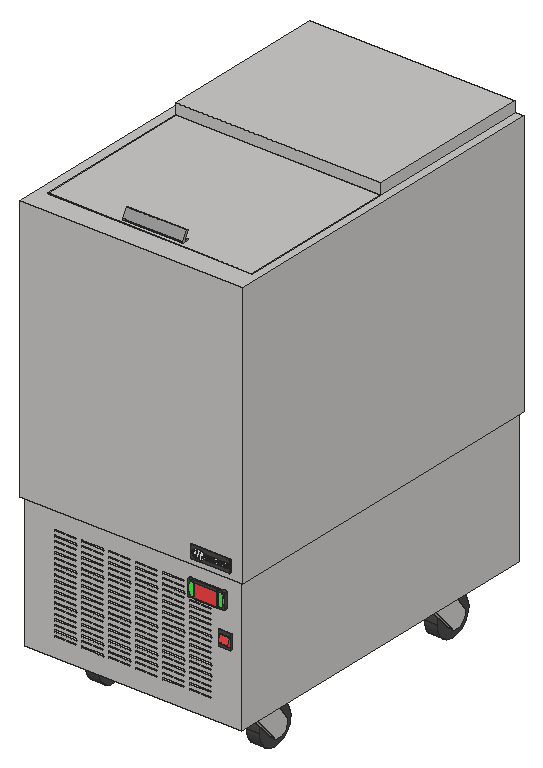
Revit family "QF_MACOM_FHP-47B", category Equipamento especial, Revit 2020
Family settings
  Cota do conector redondo = Utilizar diâmetro
  Tipo de parte = Normal
  Número OmniClass = 23.40.40.11.11.14
  Título OmniClass = Freezers
  Com base no plano de trabalho = Não
  Sempre na vertical = Sim
  Corte com vazios quando carregada = Não
  Compartilhado = Não
  Ponto de cálculo do ambiente = Não
Parameters (values of type "FHP-47B")
  Work Temperature = "-20ºC a -10ºC"
  Width = 445 mm
  Volume = 0.29 m³
  Volts = 220 V
  URL = "https://www.acosmacom.com.br/"
  Refrigeration Climate Class = "5"
  Height = 901 mm
  Electric Power = 313 W
  Modelo = "FHP-47B"
  Weight = 88.00 kg
  Refrigerant Type = "R134a"
  Fabricante = "MACOM"
  Elevação padrão = 0 mm
  Operational Current = 2.2 A
  Elec Connection Height = 153 mm
  Descrição = "FREEZEER HORIZONTAL PORTÁTIL MACOM"
  Ingress Protection Code = "IP 22"
  Depth = 703 mm
  Cycle = 60 Hz
  Capacity in Liters = 90.0 L
Reference planes
  plane 1 "Centro (Frente/Trás)": y = 0
  plane 2: z = 0
  plane 3 "Centro (Esquerda/Direita)": x = 0
  plane 4: y = 351.5
  plane 5: y = -351.5
  plane 6: x = 222.5
  plane 7: x = -222.5
  plane 8: z = 901
  plane 9: z = 103
  plane 10: z = 153
  plane 11: x = -176.5
  plane 12: y = 331.236
Forms (mm)
  Extrusion 1, solid, material "QF_Metal_Stainless Steel"
    sketch origin (0, 0, 0) x (1, 0, 0) y (0, 1, 0)
      loop
        line (-222.5, -351.5) -> (222.5, -351.5) -> (222.5, 351.5) -> (-222.5, 351.5) -> (-222.5, -351.5)
    from 370.6 to 901
  Extrusion 2, solid, material "QF_Metal_Stainless Steel"
    sketch origin (0, 0, 0) x (1, 0, 0) y (0, 1, 0)
      loop
        line (-217.5, 346.5) -> (-217.5, -346.5) -> (217.5, -346.5) -> (217.5, 346.5) -> (-217.5, 346.5)
    from 103 to 370.6
  Extrusion 3, solid, material "QF_Metal_Stainless Steel"
    sketch origin (0, 0, 0) x (1, 0, 0) y (0, 1, 0)
      loop
        line (-204.9, 351.5) -> (-204.9, 16) -> (205.1, 16) -> (205.1, 351.5) -> (-204.9, 351.5)
    from 901 to 922.7
  Extrusion 4, void
    sketch origin (0, 0, 0) x (0, 1, 0) y (0, 0, 1)
      loop
        line (16, 901) -> (-305.5, 901) -> (-305.5, 879.3) -> (16, 879.3) -> (16, 901)
    from -204.9 to 205.1
  Extrusion 5, solid, material "QF_Metal_Stainless Steel"
    sketch origin (0, 0, 0) x (0, 1, 0) y (0, 0, 1)
      loop
        line (-305.5, 901) -> (-305.5, 879.3) -> (16, 879.3) -> (16, 901) -> (-305.5, 901)
    from -204.9 to 205.1
  Extrusion 6, void
    sketch origin (0, 0, 0) x (1, 0, 0) y (0, 0, 1)
      loop
        line (-157.9, 333.6) -> (-157.9, 329.6) -> (-112.9, 329.6) -> (-112.9, 333.6) -> (-157.9, 333.6)
      loop
        line (-157.9, 323.6) -> (-157.9, 319.6) -> (-112.9, 319.6) -> (-112.9, 323.6) -> (-157.9, 323.6)
      loop
        line (-157.9, 313.6) -> (-157.9, 309.6) -> (-112.9, 309.6) -> (-112.9, 313.6) -> (-157.9, 313.6)
      loop
        line (-157.9, 303.6) -> (-157.9, 299.6) -> (-112.9, 299.6) -> (-112.9, 303.6) -> (-157.9, 303.6)
      loop
        line (-157.9, 293.6) -> (-157.9, 289.6) -> (-112.9, 289.6) -> (-112.9, 293.6) -> (-157.9, 293.6)
      loop
        line (-157.9, 283.6) -> (-157.9, 279.6) -> (-112.9, 279.6) -> (-112.9, 283.6) -> (-157.9, 283.6)
      loop
        line (-157.9, 273.6) -> (-157.9, 269.6) -> (-112.9, 269.6) -> (-112.9, 273.6) -> (-157.9, 273.6)
      loop
        line (-157.9, 263.6) -> (-157.9, 259.6) -> (-112.9, 259.6) -> (-112.9, 263.6) -> (-157.9, 263.6)
      loop
        line (-157.9, 253.6) -> (-157.9, 249.6) -> (-112.9, 249.6) -> (-112.9, 253.6) -> (-157.9, 253.6)
      loop
        line (-157.9, 243.6) -> (-157.9, 239.6) -> (-112.9, 239.6) -> (-112.9, 243.6) -> (-157.9, 243.6)
      loop
        line (-157.9, 233.6) -> (-157.9, 229.6) -> (-112.9, 229.6) -> (-112.9, 233.6) -> (-157.9, 233.6)
      loop
        line (-157.9, 223.6) -> (-157.9, 219.6) -> (-112.9, 219.6) -> (-112.9, 223.6) -> (-157.9, 223.6)
      loop
        line (-157.9, 213.6) -> (-157.9, 209.6) -> (-112.9, 209.6) -> (-112.9, 213.6) -> (-157.9, 213.6)
      loop
        line (-157.9, 203.6) -> (-157.9, 199.6) -> (-112.9, 199.6) -> (-112.9, 203.6) -> (-157.9, 203.6)
      loop
        line (-157.9, 193.6) -> (-157.9, 189.6) -> (-112.9, 189.6) -> (-112.9, 193.6) -> (-157.9, 193.6)
      loop
        line (-157.9, 183.6) -> (-157.9, 179.6) -> (-112.9, 179.6) -> (-112.9, 183.6) -> (-157.9, 183.6)
      loop
        line (-157.9, 173.6) -> (-157.9, 169.6) -> (-112.9, 169.6) -> (-112.9, 173.6) -> (-157.9, 173.6)
      loop
        line (-157.9, 163.6) -> (-157.9, 159.6) -> (-112.9, 159.6) -> (-112.9, 163.6) -> (-157.9, 163.6)
      loop
        line (-157.9, 153.6) -> (-157.9, 149.6) -> (-112.9, 149.6) -> (-112.9, 153.6) -> (-157.9, 153.6)
      loop
        line (-157.9, 143.6) -> (-157.9, 139.6) -> (-112.9, 139.6) -> (-112.9, 143.6) -> (-157.9, 143.6)
      loop
        line (-103.9, 333.6) -> (-103.9, 329.6) -> (-58.9, 329.6) -> (-58.9, 333.6) -> (-103.9, 333.6)
      loop
        line (-103.9, 323.6) -> (-103.9, 319.6) -> (-58.9, 319.6) -> (-58.9, 323.6) -> (-103.9, 323.6)
      loop
        line (-103.9, 313.6) -> (-103.9, 309.6) -> (-58.9, 309.6) -> (-58.9, 313.6) -> (-103.9, 313.6)
      loop
        line (-103.9, 303.6) -> (-103.9, 299.6) -> (-58.9, 299.6) -> (-58.9, 303.6) -> (-103.9, 303.6)
      loop
        line (-103.9, 293.6) -> (-103.9, 289.6) -> (-58.9, 289.6) -> (-58.9, 293.6) -> (-103.9, 293.6)
      loop
        line (-103.9, 283.6) -> (-103.9, 279.6) -> (-58.9, 279.6) -> (-58.9, 283.6) -> (-103.9, 283.6)
      loop
        line (-103.9, 273.6) -> (-103.9, 269.6) -> (-58.9, 269.6) -> (-58.9, 273.6) -> (-103.9, 273.6)
      loop
        line (-103.9, 263.6) -> (-103.9, 259.6) -> (-58.9, 259.6) -> (-58.9, 263.6) -> (-103.9, 263.6)
      loop
        line (-103.9, 253.6) -> (-103.9, 249.6) -> (-58.9, 249.6) -> (-58.9, 253.6) -> (-103.9, 253.6)
      loop
        line (-103.9, 243.6) -> (-103.9, 239.6) -> (-58.9, 239.6) -> (-58.9, 243.6) -> (-103.9, 243.6)
      loop
        line (-103.9, 233.6) -> (-103.9, 229.6) -> (-58.9, 229.6) -> (-58.9, 233.6) -> (-103.9, 233.6)
      loop
        line (-103.9, 223.6) -> (-103.9, 219.6) -> (-58.9, 219.6) -> (-58.9, 223.6) -> (-103.9, 223.6)
      loop
        line (-103.9, 213.6) -> (-103.9, 209.6) -> (-58.9, 209.6) -> (-58.9, 213.6) -> (-103.9, 213.6)
      loop
        line (-103.9, 203.6) -> (-103.9, 199.6) -> (-58.9, 199.6) -> (-58.9, 203.6) -> (-103.9, 203.6)
      loop
        line (-103.9, 193.6) -> (-103.9, 189.6) -> (-58.9, 189.6) -> (-58.9, 193.6) -> (-103.9, 193.6)
      loop
        line (-103.9, 183.6) -> (-103.9, 179.6) -> (-58.9, 179.6) -> (-58.9, 183.6) -> (-103.9, 183.6)
      loop
        line (-103.9, 173.6) -> (-103.9, 169.6) -> (-58.9, 169.6) -> (-58.9, 173.6) -> (-103.9, 173.6)
      loop
        line (-103.9, 163.6) -> (-103.9, 159.6) -> (-58.9, 159.6) -> (-58.9, 163.6) -> (-103.9, 163.6)
      loop
        line (-103.9, 153.6) -> (-103.9, 149.6) -> (-58.9, 149.6) -> (-58.9, 153.6) -> (-103.9, 153.6)
      loop
        line (-103.9, 143.6) -> (-103.9, 139.6) -> (-58.9, 139.6) -> (-58.9, 143.6) -> (-103.9, 143.6)
      loop
        line (-49.9, 333.6) -> (-49.9, 329.6) -> (-4.9, 329.6) -> (-4.9, 333.6) -> (-49.9, 333.6)
      loop
        line (-49.9, 323.6) -> (-49.9, 319.6) -> (-4.9, 319.6) -> (-4.9, 323.6) -> (-49.9, 323.6)
      loop
        line (-49.9, 313.6) -> (-49.9, 309.6) -> (-4.9, 309.6) -> (-4.9, 313.6) -> (-49.9, 313.6)
      loop
        line (-49.9, 303.6) -> (-49.9, 299.6) -> (-4.9, 299.6) -> (-4.9, 303.6) -> (-49.9, 303.6)
      loop
        line (-49.9, 293.6) -> (-49.9, 289.6) -> (-4.9, 289.6) -> (-4.9, 293.6) -> (-49.9, 293.6)
      loop
        line (-49.9, 283.6) -> (-49.9, 279.6) -> (-4.9, 279.6) -> (-4.9, 283.6) -> (-49.9, 283.6)
      loop
        line (-49.9, 273.6) -> (-49.9, 269.6) -> (-4.9, 269.6) -> (-4.9, 273.6) -> (-49.9, 273.6)
      loop
        line (-49.9, 263.6) -> (-49.9, 259.6) -> (-4.9, 259.6) -> (-4.9, 263.6) -> (-49.9, 263.6)
      loop
        line (-49.9, 253.6) -> (-49.9, 249.6) -> (-4.9, 249.6) -> (-4.9, 253.6) -> (-49.9, 253.6)
      loop
        line (-49.9, 243.6) -> (-49.9, 239.6) -> (-4.9, 239.6) -> (-4.9, 243.6) -> (-49.9, 243.6)
      loop
        line (-49.9, 233.6) -> (-49.9, 229.6) -> (-4.9, 229.6) -> (-4.9, 233.6) -> (-49.9, 233.6)
      loop
        line (-49.9, 223.6) -> (-49.9, 219.6) -> (-4.9, 219.6) -> (-4.9, 223.6) -> (-49.9, 223.6)
      loop
        line (-49.9, 213.6) -> (-49.9, 209.6) -> (-4.9, 209.6) -> (-4.9, 213.6) -> (-49.9, 213.6)
      loop
        line (-49.9, 203.6) -> (-49.9, 199.6) -> (-4.9, 199.6) -> (-4.9, 203.6) -> (-49.9, 203.6)
      loop
        line (-49.9, 193.6) -> (-49.9, 189.6) -> (-4.9, 189.6) -> (-4.9, 193.6) -> (-49.9, 193.6)
      loop
        line (-49.9, 183.6) -> (-49.9, 179.6) -> (-4.9, 179.6) -> (-4.9, 183.6) -> (-49.9, 183.6)
      loop
        line (-49.9, 173.6) -> (-49.9, 169.6) -> (-4.9, 169.6) -> (-4.9, 173.6) -> (-49.9, 173.6)
      loop
        line (-49.9, 163.6) -> (-49.9, 159.6) -> (-4.9, 159.6) -> (-4.9, 163.6) -> (-49.9, 163.6)
      loop
        line (-49.9, 153.6) -> (-49.9, 149.6) -> (-4.9, 149.6) -> (-4.9, 153.6) -> (-49.9, 153.6)
      loop
        line (-49.9, 143.6) -> (-49.9, 139.6) -> (-4.9, 139.6) -> (-4.9, 143.6) -> (-49.9, 143.6)
      loop
        line (4.1, 333.6) -> (4.1, 329.6) -> (49.1, 329.6) -> (49.1, 333.6) -> (4.1, 333.6)
      loop
        line (4.1, 323.6) -> (4.1, 319.6) -> (49.1, 319.6) -> (49.1, 323.6) -> (4.1, 323.6)
      loop
        line (4.1, 313.6) -> (4.1, 309.6) -> (49.1, 309.6) -> (49.1, 313.6) -> (4.1, 313.6)
      loop
        line (4.1, 303.6) -> (4.1, 299.6) -> (49.1, 299.6) -> (49.1, 303.6) -> (4.1, 303.6)
      loop
        line (4.1, 293.6) -> (4.1, 289.6) -> (49.1, 289.6) -> (49.1, 293.6) -> (4.1, 293.6)
      loop
        line (4.1, 283.6) -> (4.1, 279.6) -> (49.1, 279.6) -> (49.1, 283.6) -> (4.1, 283.6)
      loop
        line (4.1, 273.6) -> (4.1, 269.6) -> (49.1, 269.6) -> (49.1, 273.6) -> (4.1, 273.6)
      loop
        line (4.1, 263.6) -> (4.1, 259.6) -> (49.1, 259.6) -> (49.1, 263.6) -> (4.1, 263.6)
      loop
        line (4.1, 253.6) -> (4.1, 249.6) -> (49.1, 249.6) -> (49.1, 253.6) -> (4.1, 253.6)
      loop
        line (4.1, 243.6) -> (4.1, 239.6) -> (49.1, 239.6) -> (49.1, 243.6) -> (4.1, 243.6)
      loop
        line (4.1, 233.6) -> (4.1, 229.6) -> (49.1, 229.6) -> (49.1, 233.6) -> (4.1, 233.6)
      loop
        line (4.1, 223.6) -> (4.1, 219.6) -> (49.1, 219.6) -> (49.1, 223.6) -> (4.1, 223.6)
      loop
        line (4.1, 213.6) -> (4.1, 209.6) -> (49.1, 209.6) -> (49.1, 213.6) -> (4.1, 213.6)
      loop
        line (4.1, 203.6) -> (4.1, 199.6) -> (49.1, 199.6) -> (49.1, 203.6) -> (4.1, 203.6)
      loop
        line (4.1, 193.6) -> (4.1, 189.6) -> (49.1, 189.6) -> (49.1, 193.6) -> (4.1, 193.6)
      loop
        line (4.1, 183.6) -> (4.1, 179.6) -> (49.1, 179.6) -> (49.1, 183.6) -> (4.1, 183.6)
      loop
        line (4.1, 173.6) -> (4.1, 169.6) -> (49.1, 169.6) -> (49.1, 173.6) -> (4.1, 173.6)
      loop
        line (4.1, 163.6) -> (4.1, 159.6) -> (49.1, 159.6) -> (49.1, 163.6) -> (4.1, 163.6)
      loop
        line (4.1, 153.6) -> (4.1, 149.6) -> (49.1, 149.6) -> (49.1, 153.6) -> (4.1, 153.6)
      loop
        line (4.1, 143.6) -> (4.1, 139.6) -> (49.1, 139.6) -> (49.1, 143.6) -> (4.1, 143.6)
      loop
        line (58.1, 333.6) -> (58.1, 329.6) -> (103.1, 329.6) -> (103.1, 333.6) -> (58.1, 333.6)
      loop
        line (58.1, 323.6) -> (58.1, 319.6) -> (103.1, 319.6) -> (103.1, 323.6) -> (58.1, 323.6)
      loop
        line (58.1, 313.6) -> (58.1, 309.6) -> (103.1, 309.6) -> (103.1, 313.6) -> (58.1, 313.6)
      loop
        line (58.1, 303.6) -> (58.1, 299.6) -> (103.1, 299.6) -> (103.1, 303.6) -> (58.1, 303.6)
      loop
        line (58.1, 293.6) -> (58.1, 289.6) -> (103.1, 289.6) -> (103.1, 293.6) -> (58.1, 293.6)
      loop
        line (58.1, 283.6) -> (58.1, 279.6) -> (103.1, 279.6) -> (103.1, 283.6) -> (58.1, 283.6)
      loop
        line (58.1, 273.6) -> (58.1, 269.6) -> (103.1, 269.6) -> (103.1, 273.6) -> (58.1, 273.6)
      loop
        line (58.1, 263.6) -> (58.1, 259.6) -> (103.1, 259.6) -> (103.1, 263.6) -> (58.1, 263.6)
      loop
        line (58.1, 253.6) -> (58.1, 249.6) -> (103.1, 249.6) -> (103.1, 253.6) -> (58.1, 253.6)
      loop
        line (58.1, 243.6) -> (58.1, 239.6) -> (103.1, 239.6) -> (103.1, 243.6) -> (58.1, 243.6)
      loop
        line (58.1, 233.6) -> (58.1, 229.6) -> (103.1, 229.6) -> (103.1, 233.6) -> (58.1, 233.6)
      loop
        line (58.1, 223.6) -> (58.1, 219.6) -> (103.1, 219.6) -> (103.1, 223.6) -> (58.1, 223.6)
      loop
        line (58.1, 213.6) -> (58.1, 209.6) -> (103.1, 209.6) -> (103.1, 213.6) -> (58.1, 213.6)
      loop
        line (58.1, 203.6) -> (58.1, 199.6) -> (103.1, 199.6) -> (103.1, 203.6) -> (58.1, 203.6)
      loop
        line (58.1, 193.6) -> (58.1, 189.6) -> (103.1, 189.6) -> (103.1, 193.6) -> (58.1, 193.6)
      loop
        line (58.1, 183.6) -> (58.1, 179.6) -> (103.1, 179.6) -> (103.1, 183.6) -> (58.1, 183.6)
      loop
        line (58.1, 173.6) -> (58.1, 169.6) -> (103.1, 169.6) -> (103.1, 173.6) -> (58.1, 173.6)
      loop
        line (58.1, 163.6) -> (58.1, 159.6) -> (103.1, 159.6) -> (103.1, 163.6) -> (58.1, 163.6)
      loop
        line (58.1, 153.6) -> (58.1, 149.6) -> (103.1, 149.6) -> (103.1, 153.6) -> (58.1, 153.6)
      loop
        line (58.1, 143.6) -> (58.1, 139.6) -> (103.1, 139.6) -> (103.1, 143.6) -> (58.1, 143.6)
      loop
        line (112.1, 303.6) -> (112.1, 299.6) -> (157.1, 299.6) -> (157.1, 303.6) -> (112.1, 303.6)
      loop
        line (112.1, 293.6) -> (112.1, 289.6) -> (157.1, 289.6) -> (157.1, 293.6) -> (112.1, 293.6)
      loop
        line (112.1, 283.6) -> (112.1, 279.6) -> (157.1, 279.6) -> (157.1, 283.6) -> (112.1, 283.6)
      loop
        line (112.1, 273.6) -> (112.1, 269.6) -> (157.1, 269.6) -> (157.1, 273.6) -> (112.1, 273.6)
      loop
        line (112.1, 263.6) -> (112.1, 259.6) -> (157.1, 259.6) -> (157.1, 263.6) -> (112.1, 263.6)
      loop
        line (112.1, 253.6) -> (112.1, 249.6) -> (157.1, 249.6) -> (157.1, 253.6) -> (112.1, 253.6)
      loop
        line (112.1, 243.6) -> (112.1, 239.6) -> (157.1, 239.6) -> (157.1, 243.6) -> (112.1, 243.6)
      loop
        line (112.1, 233.6) -> (112.1, 229.6) -> (157.1, 229.6) -> (157.1, 233.6) -> (112.1, 233.6)
      loop
        line (112.1, 223.6) -> (112.1, 219.6) -> (157.1, 219.6) -> (157.1, 223.6) -> (112.1, 223.6)
      loop
        line (112.1, 213.6) -> (112.1, 209.6) -> (157.1, 209.6) -> (157.1, 213.6) -> (112.1, 213.6)
      loop
        line (112.1, 203.6) -> (112.1, 199.6) -> (157.1, 199.6) -> (157.1, 203.6) -> (112.1, 203.6)
      loop
        line (112.1, 193.6) -> (112.1, 189.6) -> (157.1, 189.6) -> (157.1, 193.6) -> (112.1, 193.6)
      loop
        line (112.1, 183.6) -> (112.1, 179.6) -> (157.1, 179.6) -> (157.1, 183.6) -> (112.1, 183.6)
      loop
        line (112.1, 173.6) -> (112.1, 169.6) -> (157.1, 169.6) -> (157.1, 173.6) -> (112.1, 173.6)
      loop
        line (112.1, 163.6) -> (112.1, 159.6) -> (157.1, 159.6) -> (157.1, 163.6) -> (112.1, 163.6)
      loop
        line (112.1, 153.6) -> (112.1, 149.6) -> (157.1, 149.6) -> (157.1, 153.6) -> (112.1, 153.6)
      loop
        line (112.1, 143.6) -> (112.1, 139.6) -> (157.1, 139.6) -> (157.1, 143.6) -> (112.1, 143.6)
    from 270.226 to 346.5
  Extrusion 7, solid, material "QF_Metal_Stainless Steel"
    sketch origin (-200, 346.5, 0) x (1, 0, 0) y (0, 0, -1)
      loop
        circle (23.5, -153) r 9.525
    from 0 to 6.35
  Extrusion 8, solid, material "QF_Finishes_Clearances", detail levels coarse
    sketch origin (0, 0, 922.7) x (1, 0, 0) y (0, 1, 0)
      loop
        line (-222.5, 351.5) -> (222.5, 351.5) -> (222.5, 401.5) -> (-222.5, 401.5) -> (-222.5, 351.5)
    from 0 to -922.7
Cuts and joins
  Extrusion 4 cuts Extrusion 1
  Extrusion 6 cuts Extrusion 2
Lines and regions (mm)
  symbolic lines
    curve 1: line (222.5, -351.5, 0) -> (-222.5, -351.5, 0)
    curve 2: line (222.5, 351.5, 0) -> (222.5, -351.5, 0)
    curve 3: line (-222.5, 351.5, 0) -> (222.5, 351.5, 0)
    curve 4: line (-222.5, -351.5, 0) -> (-222.5, 351.5, 0)
    curve 5: line (-204.9, 16, 0) -> (205.1, 16, 0)
    curve 6: line (-204.9, 351.5, 0) -> (-204.9, 16, 0)
    curve 7: line (205.1, 351.5, 0) -> (-204.9, 351.5, 0)
    curve 8: line (205.1, 16, 0) -> (205.1, 351.5, 0)
    curve 9: line (205.1, -305.5, 0) -> (-204.9, -305.5, 0)
    curve 10: line (205.1, 16, 0) -> (205.1, -305.5, 0)
    curve 11: line (-204.9, 16, 0) -> (205.1, 16, 0)
    curve 12: line (-204.9, -305.5, 0) -> (-204.9, 16, 0)
    curve 13: line (60.1, -298.171, 0) -> (-59.9, -298.171, 0)
    curve 14: line (60.1, -284.421, 0) -> (60.1, -298.171, 0)
    curve 15: line (-59.9, -284.421, 0) -> (60.1, -284.421, 0)
    curve 16: line (-59.9, -298.171, 0) -> (-59.9, -284.421, 0)
    curve 17: line (-59.9, -286.228, 0) -> (60.1, -286.228, 0)
  symbolic lines, style "QF_Clearances"
    curve 18: line (-222.5, 351.5, 0) -> (-222.5, 401.5, 0)
    curve 19: line (-222.5, 401.5, 0) -> (222.5, 401.5, 0)
    curve 20: line (222.5, 401.5, 0) -> (222.5, 351.5, 0)
Dimensions and locks
  "Width": plane 7 to plane 6
  Extrusion 3 sketch curve to cut or joined group of Extrusion 1, Extrusion 4 = 17.4 mm
  cut or joined group of Extrusion 1, Extrusion 4 to Extrusion 3 sketch curve = 17.6 mm
  equal spacing: plane 7, plane 3 "Centro (Esquerda/Direita)", plane 6
  equal spacing: plane 5, plane 1 "Centro (Frente/Trás)", plane 4
  "Depth": plane 5 to plane 4
  plane 9 to level = 103 mm
  "Height": plane 8 to level
  "Elec Connection Height": level to plane 10
  cut or joined group of Extrusion 2, Extrusion 6 to plane 11 = 41 mm
  aligned and locked: level to plane 2
  aligned and locked: plane 7 to cut or joined group of Extrusion 1, Extrusion 4
  aligned and locked: plane 6 to cut or joined group of Extrusion 1, Extrusion 4
  aligned and locked: plane 4 to Extrusion 3
  aligned and locked: plane 5 to cut or joined group of Extrusion 1, Extrusion 4
  aligned and locked: curve 1 to cut or joined group of Extrusion 1, Extrusion 4
  aligned and locked: curve 2 to cut or joined group of Extrusion 1, Extrusion 4
  aligned and locked: curve 3 to cut or joined group of Extrusion 1, Extrusion 4
  aligned and locked: curve 4 to cut or joined group of Extrusion 1, Extrusion 4
  aligned and locked: curve 5 to Extrusion 3
  aligned and locked: curve 6 to Extrusion 3
  aligned and locked: curve 7 to curve 3
  aligned and locked: curve 9 to cut or joined group of Extrusion 1, Extrusion 4
  aligned and locked: curve 10 to cut or joined group of Extrusion 1, Extrusion 4
  aligned and locked: curve 12 to curve 6
  aligned and locked: curve 17 to nested 1
  aligned and locked: cut or joined group of Extrusion 1, Extrusion 4 to nested 8
  aligned and locked: cut or joined group of Extrusion 2, Extrusion 6 to nested 6
  aligned and locked: cut or joined group of Extrusion 2, Extrusion 6 to nested 7
  aligned and locked: Extrusion 8 sketch curve to cut or joined group of Extrusion 1, Extrusion 4  (x2)
  aligned and locked: plane 6 to Extrusion 8 sketch curve
  aligned and locked: Extrusion 8 to level
Automatic sketch dimensions
  plane 4 to Extrusion 1 sketch curve = 0 mm
  Extrusion 1 sketch curve to plane 7 = 0 mm
  Extrusion 1 sketch curve to plane 6 = 0 mm
  plane 5 to Extrusion 1 sketch curve = 0 mm
  Extrusion 2 sketch curve to plane 7 = 5 mm
  Extrusion 2 sketch curve to plane 6 = 5 mm
  Extrusion 2 sketch curve to plane 5 = 5 mm
  plane 4 to Extrusion 2 sketch curve = 5 mm
  plane 4 to Extrusion 3 sketch curve = 0 mm
  Extrusion 3 sketch curve to plane 1 "Centro (Frente/Trás)" = 16 mm
  Extrusion 4 sketch curve to plane 5 = 46 mm
  Extrusion 4 sketch curve to plane 1 "Centro (Frente/Trás)" = 16 mm
  level to Extrusion 4 sketch curve = 879.3 mm
  Extrusion 4 sketch curve to Extrusion 4 sketch curve = 21.7 mm
  Extrusion 5 sketch curve to plane 5 = 46 mm
  Extrusion 5 sketch curve to plane 1 "Centro (Frente/Trás)" = 16 mm
  level to Extrusion 5 sketch curve = 879.3 mm
  Extrusion 5 sketch curve to Extrusion 5 sketch curve = 21.7 mm
  Extrusion 6 sketch curve to plane 7 = 64.6 mm  (x2)
  Extrusion 6 sketch curve to Extrusion 6 sketch curve = 0 mm  (x150)
  Extrusion 6 sketch curve to Extrusion 6 sketch curve = 45 mm  (x5)
  Extrusion 6 sketch curve to Extrusion 6 sketch curve = 9 mm  (x41)
  Extrusion 6 sketch curve to plane 3 "Centro (Esquerda/Direita)" = 4.9 mm  (x20)
  plane 3 "Centro (Esquerda/Direita)" to Extrusion 6 sketch curve = 4.1 mm  (x20)
  level to Extrusion 6 sketch curve = 139.6 mm  (x2)
  Extrusion 6 sketch curve to Extrusion 6 sketch curve = 4 mm  (x117)
  Extrusion 6 sketch curve to Extrusion 6 sketch curve = 6 mm  (x111)
  Extrusion 7 sketch curve to Extrusion 2 = 41 mm
  Extrusion 2 to Extrusion 7 sketch curve = 50 mm
  Extrusion 8 sketch curve to Extrusion 8 sketch curve = 50 mm
  curve 16 to plane 3 "Centro (Esquerda/Direita)" = 59.9 mm
  plane 3 "Centro (Esquerda/Direita)" to curve 15 = 60.1 mm
  curve 13 to curve 17 = 11.943 mm
  curve 17 to curve 16 = 1.807 mm
  curve 3 to curve 19 = 50 mm
  radius of Extrusion 7 sketch curve = 9.525 mm
Nested families
  nested 1: "PUXADOR FHP" at (0.1, -298.171, 901), type "PUXADOR FHP"
  nested 2: "RODIZIO3" at (182, -170.694, 0) x (-1, 0, 0) z (0, 0, 1), type "RODIZIO3"
  nested 3: "RODIZIO3" at (-182, -170.694, 0), type "RODIZIO3"
  nested 4: "RODIZIO3" at (182, 274.306, 0) x (-1, 0, 0) z (0, 0, 1), type "RODIZIO3"
  nested 5: "RODIZIO3" at (-182, 274.306, 0), type "RODIZIO3"
  nested 6: "CONTROLADOR_CAB" at (150, -346.5, 327), type "CONTROLADOR_CAB"
  nested 7: "BOTAO_VERMELHO" at (197.5, -346.5, 240.948), type "BOTAO_VERMELHO"
  nested 8: "LOGOTIPO MACOM" at (160, -351.5, 381.501), type "LOGOTIPO MACOM"
Connectors
  electrical at (-176.5, 352.85, 153), driven by "Volts", driven by "Electric Power"
    settings: on Extrusion 7, index 1, voltage 220 V, apparent load 313 VA, apparent load phase1 0 VA, apparent load phase2 0 VA, apparent load phase3 0 VA, power factor 1, load classification "Potência", number of poles 1, system type 30, power factor state 1, is connector primary yes, connector utility no, sub classification motor no, connector description ""
Definition of nested family "PUXADOR FHP"
  Parameters (values of type "PUXADOR FHP")
    Default Elevation = 0 mm
  Reference planes
    plane 1 "Centro (Frente/Trás)": y = 0
    plane 2: z = 0
    plane 3 "Centro (Esquerda/Direita)": x = 0
  Forms (mm)
    Extrusion 1, solid
      sketch origin (0, 0, 0) x (0, 1, 0) y (0, 0, 1)
        loop
          arc (-1.673, 0) -> (-0.562, 0.859) -> (-0.626, 2.261) r 1.524
          line (-0.626, 2.261) -> (-10.626, 19.581) -> (-11.943, 18.821) -> (-1.943, 1.5) -> (-13.75, 1.5) -> (-13.75, 0) -> (-1.673, 0)
      from -60 to 60
  Dimensions and locks
    aligned and locked: level to plane 2
Definition of nested family "RODIZIO3"
  Parameters (values of type "RODIZIO3")
    Default Elevation = 0 mm
  Reference planes
    plane 1 "Centro (Frente/Trás)": y = 0
    plane 2: z = 0
    plane 3 "Centro (Esquerda/Direita)": x = 0
  Forms (mm)
    Extrusion 1, solid
      sketch origin (101, 641, 0) x (0, 1, 0) y (0, 0, -1)
        loop
          circle (-602.5, -38.5) r 38.5
      from 67 to 93
    Extrusion 2, solid
      sketch origin (101, 641, 0) x (0, 1, 0) y (0, 0, -1)
        loop
          line (-619.424, -49.158) -> (-585.515, -95.2) -> (-527.694, -95.2) -> (-586.643, -26.311)
          arc (-586.643, -26.311) -> (-613.936, -22.092) -> (-619.424, -49.158) r 20
      from 93 to 101
    Extrusion 3, solid
      sketch origin (135, 641, 0) x (0, 1, 0) y (0, 0, -1)
        loop
          line (-619.424, -49.158) -> (-585.515, -95.2) -> (-527.694, -95.2) -> (-586.643, -26.311)
          arc (-586.643, -26.311) -> (-613.936, -22.092) -> (-619.424, -49.158) r 20
      from 93 to 101
    Extrusion 4, solid
      sketch origin (0, 2.306, 0) x (0, 1, 0) y (0, 0, 1)
        loop
          line (53.179, 95.2) -> (111, 95.2) -> (111, 103) -> (53.179, 103) -> (53.179, 95.2)
      from 0 to 42
  Dimensions and locks
    aligned and locked: level to plane 2
Definition of nested family "CONTROLADOR_CAB"
  Parameters (values of type "CONTROLADOR_CAB")
    Default Elevation = 0 mm
  Reference planes
    plane 1 "Center (Front/Back)": y = 0
    plane 2: z = 0
    plane 3 "Center (Left/Right)": x = 0
  Forms (mm)
    Extrusion 1, solid
      sketch origin (0, 0, 0) x (1, 0, 0) y (0, 0, 1)
        loop
          line (37.5, -12.5) -> (37.5, 12.5)
          arc (37.5, 12.5) -> (36.328, 15.328) -> (33.5, 16.5) r 4
          line (33.5, 16.5) -> (-33.5, 16.5)
          arc (-33.5, 16.5) -> (-36.328, 15.328) -> (-37.5, 12.5) r 4
          line (-37.5, 12.5) -> (-37.5, -12.5)
          arc (-37.5, -12.5) -> (-36.328, -15.328) -> (-33.5, -16.5) r 4
          line (-33.5, -16.5) -> (33.5, -16.5)
          arc (33.5, -16.5) -> (36.328, -15.328) -> (37.5, -12.5) r 4
      from 0 to 5
    Extrusion 2, solid
      sketch origin (0, 0, 0) x (1, 0, 0) y (0, 0, 1)
        loop
          line (24, -13.5) -> (24, 13.5)
          arc (24, 13.5) -> (23.121, 15.621) -> (21, 16.5) r 3
          line (21, 16.5) -> (-21, 16.5)
          arc (-21, 16.5) -> (-23.121, 15.621) -> (-24, 13.5) r 3
          line (-24, 13.5) -> (-24, -13.5)
          arc (-24, -13.5) -> (-23.121, -15.621) -> (-21, -16.5) r 3
          line (-21, -16.5) -> (21, -16.5)
          arc (21, -16.5) -> (23.121, -15.621) -> (24, -13.5) r 3
      from 5 to 5.937
    Extrusion 3, solid
      sketch origin (0, 0, 0) x (1, 0, 0) y (0, 0, 1)
        loop
          line (-23, 13) -> (-23, -13) -> (23, -13) -> (23, 13) -> (-23, 13)
      from 5.937 to 6.875
    Extrusion 4, solid
      sketch origin (0, 0, 0) x (1, 0, 0) y (0, 0, 1)
        loop
          line (24, -13) -> (31, -13)
          arc (31, -13) -> (34.646, 0) -> (31, 13) r 25
          line (31, 13) -> (24, 13) -> (24, -13)
        loop
          line (-24, -13) -> (-24, 13) -> (-31, 13)
          arc (-31, 13) -> (-34.646, 0) -> (-31, -13) r 25
          line (-31, -13) -> (-24, -13)
      from 5 to 5.937
  Cuts and joins
    joined: Extrusion 1, Extrusion 2
  Dimensions and locks
    aligned and locked: level to plane 2
Definition of nested family "BOTAO_VERMELHO"
  Parameters (values of type "BOTAO_VERMELHO")
    Default Elevation = 0 mm
  Reference planes
    plane 1 "Center (Front/Back)": y = 0
    plane 2: z = 0
    plane 3 "Center (Left/Right)": x = 0
    plane 4: x = -12
    plane 5: x = -2.25
    plane 6: x = -21.75
    plane 7: z = 15
    plane 8: z = 6
    plane 9: z = 24
  Forms (mm)
    Extrusion 1, solid
      sketch origin (0, 0, 0) x (1, 0, 0) y (0, 0, 1)
        loop
          line (0, 0) -> (0, 30) -> (-24, 30) -> (-24, 0) -> (0, 0)
      from 0 to 2
    Extrusion 2, solid
      sketch origin (0, 0, -0.469) x (0, 1, 0) y (0, 0, 1)
        loop
          line (-2, 7.101) -> (-2, 23.548)
          arc (-2, 23.548) -> (-2.243, 23.827) -> (-2.553, 23.624) r 0.282
          line (-2.553, 23.624) -> (-6.565, 9.288)
          arc (-6.565, 9.288) -> (-6.526, 8.9) -> (-6.233, 8.641) r 0.535
          line (-6.233, 8.641) -> (-2, 7.101)
      from -21.75 to -2.25
  Dimensions and locks
    aligned and locked: level to plane 2
Definition of nested family "LOGOTIPO MACOM"
  Parameters (values of type "LOGOTIPO MACOM")
    Default Elevation = 0 mm
  Reference planes
    plane 1 "Centro (Frente/Trás)": y = 0
    plane 2: z = 0
    plane 3 "Centro (Esquerda/Direita)": x = 0
    plane 4: z = 9.186
    plane 5: z = 16.297
    plane 6: z = 12.742
    plane 7: x = -24.005
  Forms (mm)
    Extrusion 1, solid
      sketch origin (0, 4.488, 0.011) x (1, 0, 0) y (0, 0.000061, 1)
        loop
          arc (-37.5, 25.9) -> (-39.268, 25.168) -> (-40, 23.4) r 2.5
          line (-40, 23.4) -> (-40, 2.5)
          arc (-40, 2.5) -> (-39.268, 0.732) -> (-37.5, 0) r 2.5
          line (-37.5, 0) -> (37.5, 0)
          arc (37.5, 0) -> (39.268, 0.732) -> (40, 2.5) r 2.5
          line (40, 2.5) -> (40, 23.4)
          arc (40, 23.4) -> (39.268, 25.168) -> (37.5, 25.9) r 2.5
          line (37.5, 25.9) -> (-37.5, 25.9)
      from 5.474 to 4.489
    Extrusion 2, solid
      sketch origin (0, 4.488, 0.011) x (1, 0, 0) y (0, 0.000061, 1)
        loop
          arc (-39, 3.5) -> (-38.268, 1.732) -> (-36.5, 1) r 2.5
          line (-36.5, 1) -> (36.5, 1)
          arc (36.5, 1) -> (38.268, 1.732) -> (39, 3.5) r 2.5
          line (39, 3.5) -> (39, 22.668)
          arc (39, 22.668) -> (38.268, 24.436) -> (36.5, 25.168) r 2.5
          line (36.5, 25.168) -> (-36.5, 25.168)
          arc (-36.5, 25.168) -> (-38.268, 24.436) -> (-39, 22.668) r 2.5
          line (-39, 22.668) -> (-39, 3.5)
      from 5.474 to 6.289
    Extrusion 3, solid
      sketch origin (24.652, 4.488, 0.011) x (-1, 0, 0) y (0, -0.000061, -1)
        loop
          line (32.653, -17.092) -> (32.653, -8.35) -> (30.809, -8.35) -> (30.809, -14.038)
          arc (30.809, -14.038) -> (30.194, -14.653) -> (29.579, -14.038) r 0.615
          line (29.579, -14.038) -> (29.579, -8.35) -> (27.735, -8.35) -> (27.735, -14.038)
          arc (27.735, -14.038) -> (27.12, -14.653) -> (26.506, -14.038) r 0.615
          line (26.506, -14.038) -> (26.506, -8.35) -> (24.661, -8.35) -> (24.661, -15.193)
          arc (24.661, -15.193) -> (25.218, -16.536) -> (26.561, -17.092) r 1.899
          line (26.561, -17.092) -> (32.653, -17.092)
        loop
          line (23.432, -8.347) -> (21.476, -8.347) -> (21.476, -10.838) -> (19.632, -10.838) -> (19.632, -8.347) -> (17.9, -8.347) -> (17.9, -15.248)
          arc (17.9, -15.248) -> (18.44, -16.552) -> (19.744, -17.092) r 1.844
          line (19.744, -17.092) -> (23.432, -17.092) -> (23.432, -8.347)
        loop
          line (19.744, -12.773) -> (19.744, -14.314)
          arc (19.744, -14.314) -> (19.926, -14.753) -> (20.365, -14.935) r 0.621
          line (20.365, -14.935) -> (21.588, -14.935) -> (21.588, -12.773) -> (19.744, -12.773)
        loop
          line (-1.629, -17.092) -> (-1.629, -8.35) -> (-3.474, -8.35) -> (-3.474, -14.038)
          arc (-3.474, -14.038) -> (-4.088, -14.653) -> (-4.703, -14.038) r 0.615
          line (-4.703, -14.038) -> (-4.703, -8.35) -> (-6.547, -8.35) -> (-6.547, -14.038)
          arc (-6.547, -14.038) -> (-7.162, -14.653) -> (-7.777, -14.038) r 0.615
          line (-7.777, -14.038) -> (-7.777, -8.35) -> (-9.621, -8.35) -> (-9.621, -15.193)
          arc (-9.621, -15.193) -> (-9.064, -16.536) -> (-7.721, -17.092) r 1.899
          line (-7.721, -17.092) -> (-1.629, -17.092)
        loop
          line (9.587, -17.092) -> (12.299, -17.092)
          arc (12.299, -17.092) -> (16.67, -12.721) -> (12.299, -8.35) r 4.371
          line (12.299, -8.35) -> (9.754, -8.35) -> (9.754, -10.194) -> (12.276, -10.194)
          arc (12.276, -10.194) -> (14.804, -12.721) -> (12.276, -15.248) r 2.527
          line (12.276, -15.248) -> (9.587, -15.248) -> (9.587, -17.092)
        loop
          line (56.832, -8.05) -> (55.056, -18.123)
          spline (55.056, -18.123) -> (56.262, -17.518) -> (57.317, -16.815) -> (58.199, -16.029) -> (58.892, -15.175) -> (59.381, -14.269) -> (59.658, -13.331) -> (59.715, -12.378) -> (59.552, -11.43) -> (59.173, -10.505) -> (58.585, -9.622) -> (57.799, -8.798) -> (56.832, -8.05)
        loop
          spline (53.362, -6.487) -> (53.217, -6.446) -> (53.071, -6.406) -> (52.923, -6.368) -> (52.775, -6.331) -> (52.626, -6.295) -> (52.476, -6.26) -> (52.326, -6.227) -> (52.174, -6.195) -> (52.022, -6.165) -> (51.869, -6.136) -> (51.715, -6.108) -> (51.561, -6.082)
          line (51.561, -6.082) -> (49.643, -16.962)
          arc (49.643, -16.962) -> (50.579, -17.898) -> (51.515, -16.962) r 0.936
          line (51.515, -16.962) -> (53.362, -6.487)
        loop
          spline (48.156, -5.852) -> (48, -5.857) -> (47.843, -5.863) -> (47.687, -5.871) -> (47.531, -5.88) -> (47.375, -5.89) -> (47.22, -5.902) -> (47.065, -5.915) -> (46.91, -5.929) -> (46.755, -5.945) -> (46.601, -5.962) -> (46.447, -5.981) -> (46.294, -6.001)
          line (46.294, -6.001) -> (44.358, -16.978)
          arc (44.358, -16.978) -> (45.276, -17.896) -> (46.195, -16.978) r 0.918
          line (46.195, -16.978) -> (48.156, -5.852)
        loop
          spline (42.364, -7.044) -> (41.131, -7.649) -> (40.051, -8.356) -> (39.147, -9.149) -> (38.437, -10.014) -> (37.937, -10.931) -> (37.655, -11.882) -> (37.599, -12.848) -> (37.768, -13.809) -> (38.16, -14.746) -> (38.767, -15.639) -> (39.575, -16.47) -> (40.57, -17.222)
          line (40.57, -17.222) -> (42.364, -7.044)
        loop
          spline (61.565, -12.773) -> (61.125, -10.691) -> (59.836, -8.75) -> (57.784, -7.084) -> (55.111, -5.806) -> (51.997, -5.002) -> (48.656, -4.728) -> (45.315, -5.002) -> (42.202, -5.806) -> (39.528, -7.084) -> (37.477, -8.75) -> (36.187, -10.691) -> (35.747, -12.773)
          spline (35.747, -12.773) -> (36.187, -14.855) -> (37.477, -16.795) -> (39.528, -18.461) -> (42.202, -19.74) -> (45.315, -20.544) -> (48.656, -20.818) -> (51.997, -20.544) -> (55.111, -19.74) -> (57.784, -18.461) -> (59.836, -16.795) -> (61.125, -14.855) -> (61.565, -12.773)
        loop
          circle (3.963, -12.726) r 4.377
        loop
          circle (3.963, -12.726) r 2.582
      from 6.289 to 6.977
  Dimensions and locks
    equal spacing: plane 5, plane 6, plane 4
    aligned and locked: level to plane 2
